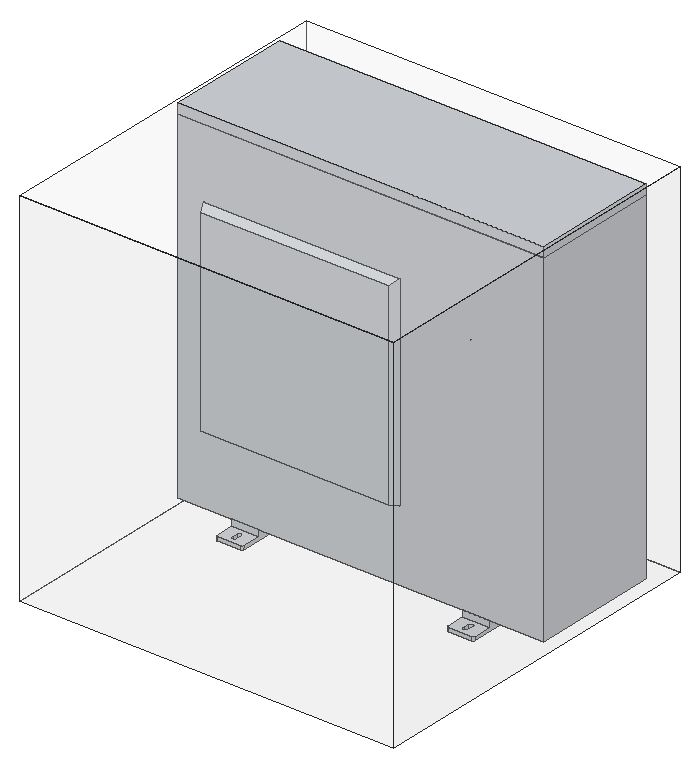
Revit family "puz-zrmp80sha_280ka13_50hz", category 機械設備, Revit 2019
Family settings
  丸型コネクタ寸法 = 直径を使用
  パーツ タイプ = 標準
  OmniClass 番号 = 23.75.10.24.21.27.27
  OmniClass タイトル = Split System Air Conditioning Units
  作業面ベース = いいえ
  常に垂直 = はい
  ロード時にボイドで切り取り = いいえ
  共有 = いいえ
  部屋計算ポイント = いいえ
Parameters (values of type "室外機_PUZ-ZRMP80SHA13 (-BS,BSG)")
  音響パワーレベル（冷）(dB) = 66
  音響パワーレベル(dB) = 68
  電源種別 = ""
  電源位置Y = 2 mm
  電源位置Z = 669 mm
  電源位置X = 275 mm
  電圧 = 200 V
  電動機出力_送風機 = 0.06 kW
  電動機出力_圧縮機 = 1.6 kW
  集中コントローラ [instance] = ""
  運転質量 = 0.00 kg
  運転方法 = "冷暖切替"
  質量 = if(製品質量 > 運転質量, 製品質量, 運転質量) * 1.2  # 84.00 kg
  負荷分類 = 1_熱源類
  説明 = "空冷H/P PAC インバータ室外機"
  設計暖房能力 [instance] = 0 kW
  設計冷房能力_顕熱 [instance] = 0 kW
  設計冷房能力 [instance] = 0 kW
  設置方法 = "床置形"
  記号 [instance] = ""
  製造元 = "三菱電機株式会社"
  製品質量 = 70.00 kg
  製品出荷対象 = "国内"
  製品リリース年月 = ""
  製品グループ = ""
  系統 [instance] = ""
  符号 = "PAC"
  積算_科目 = "1 空気調和設備"
  積算_拾い区分 [instance] = ""
  相 = 1
  盤記号 [instance] = ""
  発停方法 = "付属スイッチ"
  特殊仕様 [instance] = ""
  消費電力_暖房 = 2.34 kW
  消費電力_冷房 = 1.98 kW
  消費電力 = if(消費電力_冷房 > 消費電力_暖房, 消費電力_冷房, 消費電力_暖房)  # 2.34 kW
  法定耐用年数 = "6"
  構成品番 = "PUZ-ZRMP80SHA13 (-BS,-BSG)"
  極数 = 1
  材質 [instance] = ""
  本体マテリアル = none
  最小電線太さ_mm2 = 1.6
  最大電流値 = 0 A
  暖房能力 = 8 kW
  推奨ブレーカー容量 = 30 A
  据付ピッチ1 = 0 mm
  形式 = "パッケージ形 室外機"
  形名 = PUZ-ZRMP-2 : PUZ-ZRMP-2
  幹線記号 [instance] = ""
  始動方式 = "インバータ始動方式"
  呼称 = "パッケージ形空気調和機_室外機"
  周波数 = 50 Hz
  価格 = 0
  ドレン　位置Z = 23 mm
  ドレン　位置Y = 111 mm
  ドレン　位置X = 30 mm
  アンカーボルト位置Y = 370 mm
  アンカーボルト位置X = 600 mm
  参照している仕様書等のバージョン = "公共建築物標準仕様書（機械設備工事編）平成31年度版"
  分類コード = "50053003126100"
  分類グループ = ""
  冷房能力 = 7.1 kW
  冷媒管（ガス）位置X = 434 mm
  冷媒管（液）位置X = 377 mm
  冷媒管（液）位置Y = 290 mm
  冷媒管（ガス）位置Y = 229 mm
  冷媒管長 [instance] = 0 mm
  冷媒管径符号 = "Bd"
  冷媒管径 = 100.00 mm
  冷媒管位置Z = 447 mm
  冷媒管位置Y = (冷媒管（液）位置Y + 冷媒管（ガス）位置Y) / 2  # 259.5 mm
  冷媒管位置X = (冷媒管（液）位置X + 冷媒管（ガス）位置X) / 2  # 405.5 mm
  冷媒液管径 = 9.52 mm
  冷媒ガス管径 = 15.88 mm
  企業コード = "108420"
  付属品 [instance] = ""
  仕様書バージョン = "Version1.0"
  ユニット数 = 1
  ユニット3 = yes
  ユニット2 = yes
  Model = ""
  ドレン管径 = 33.00 mm
  サービススペース = yes
  コメント [instance] = ""
  ケーブル種類1 = ""
  【値が 0 の項目は組合せ形名にてご確認ください】 = ""
  Width = 950 mm
  Version = ""
  Uniclass2015Version = "Systems v1.9"
  Uniclass2015Title = "Split coil remote air cooled condensing units"
  Uniclass2015Code = "Pr_70_65_03_84"
  URL = "https://www.mitsubishielectric.co.jp/ldg/wink/ssl/top.do"
  SpecificationReference = ""
  SpecificationDescription = ""
  Revision = ""
  ProductInformation = ""
  OmniClassCode = "23-33 17 13 11"
  IfcTypeProduct = ""
  IfcProduct = ""
  IfcExportType = "AIRCONDITIONINGUNIT"
  IfcExportAs = "IfcUnitaryEquipmentType"
  Height = 943 mm
  Depth = 330 mm
  Clearance Top = 0 mm
  Clearance Right = 10 mm
  Clearance Left = 10 mm
  Clearance Front = 500 mm
  Clearance Bottom = 0 mm
  Clearance Back = 100 mm
  COP = 0
  Author = "三菱電機株式会社"
  APF = 0
Reference planes
  plane 1 "中心(正面/背面)": y = 74
  plane 2: z = 0
  plane 3 "中心(左/右)": x = 830
  plane 4 "右": x = 1305
  plane 5 "左": x = 355
  plane 6 "背面": y = 239
  plane 7 "正面": y = -91
  plane 8 "上部": z = 943
  plane 9 "Clearanse Top": z = 943
  plane 10 "SS_back": y = 339
  plane 11 "SS_front": y = -591
  plane 12 "SS_left": x = 345
  plane 13 "SS_right": x = 1315
  plane 14: z = 0
  plane 15: y = -89
  plane 16: x = 1105
  plane 17: z = 669
  plane 18: y = -87
  plane 19: y = -20.5
  plane 20: x = 1235.5
  plane 21: z = 447
  plane 22: z = 449
  plane 23: y = 128
  plane 24: x = 385
  plane 25: z = 25
  plane 26: z = 23
  plane 27: x = 530
  plane 28: x = 1130
  plane 29: y = 259
  plane 30: y = -111
Forms (mm)
  Extrusion 1, solid, detail levels fine
    sketch origin (0, -91, 0) x (1, 0, 0) y (0, 0, 1)
      loop
        circle (1105, 669) r 13.5
    from -4 to -2
  Extrusion 2, solid, detail levels fine
    sketch origin (-1437.329, -1524, 54) x (-1, 0, 0) y (0, -1, 0)
      loop
        circle (-2672.829, -1503.5) r 50
    from 393 to 395
  Extrusion 3, solid, detail levels fine
    sketch origin (-1437.329, -1524, 54) x (-1, 0, 0) y (0, -1, 0)
      loop
        circle (-1822.329, -1652) r 16.5
    from -31 to -29
Lines and regions (mm)
  model lines, not visible
    curve 1: line (460, 178.667, 1289.179) -> (460, 297.73, 1289.179)
    curve 2: line (460, 178.667, 1056.056) -> (460, 178.667, 1289.179)
    curve 3: line (460, 297.73, 1056.056) -> (460, 178.667, 1056.056)
    curve 4: line (460, 297.73, 1289.179) -> (460, 297.73, 1056.056)
    curve 5: line (460, 47.598, 1289.179) -> (460, 166.661, 1289.179)
    curve 6: line (460, 47.598, 1056.056) -> (460, 47.598, 1289.179)
    curve 7: line (460, 166.661, 1056.056) -> (460, 47.598, 1056.056)
    curve 8: line (460, 166.661, 1289.179) -> (460, 166.661, 1056.056)
    curve 9: line (460, -83.471, 1289.179) -> (460, 35.592, 1289.179)
    curve 10: line (460, -83.471, 1056.056) -> (460, -83.471, 1289.179)
    curve 11: line (460, 35.592, 1056.056) -> (460, -83.471, 1056.056)
    curve 12: line (460, 35.592, 1289.179) -> (460, 35.592, 1056.056)
    curve 13: line (460, -150.779, 1289.179) -> (460, -95.75, 1289.179)
    curve 14: line (460, -150.779, 1056.056) -> (460, -150.779, 1289.179)
    curve 15: line (460, -95.75, 1056.056) -> (460, -150.779, 1056.056)
    curve 16: line (460, -95.75, 1289.179) -> (460, -95.75, 1056.056)
    curve 17: line (460, -150.779, 1283.175) -> (460, -132.596, 1283.175)
    curve 18: line (460, -150.779, 1062.059) -> (460, -150.779, 1283.175)
    curve 19: line (460, -132.596, 1062.059) -> (460, -150.779, 1062.059)
    curve 20: line (460, -132.596, 1283.175) -> (460, -132.596, 1062.059)
    curve 21: line (460, 178.667, 1046.051) -> (460, 297.73, 1046.051)
    curve 22: line (460, 178.667, 812.928) -> (460, 178.667, 1046.051)
    curve 23: line (460, 297.73, 812.928) -> (460, 178.667, 812.928)
    curve 24: line (460, 297.73, 1046.051) -> (460, 297.73, 812.928)
    curve 25: line (460, 47.598, 1046.051) -> (460, 166.661, 1046.051)
    curve 26: line (460, 47.598, 812.928) -> (460, 47.598, 1046.051)
    curve 27: line (460, 166.661, 812.928) -> (460, 47.598, 812.928)
    curve 28: line (460, 166.661, 1046.051) -> (460, 166.661, 812.928)
    curve 29: line (460, -83.471, 1046.051) -> (460, 35.592, 1046.051)
    curve 30: line (460, -83.471, 812.928) -> (460, -83.471, 1046.051)
    curve 31: line (460, 35.592, 812.928) -> (460, -83.471, 812.928)
    curve 32: line (460, 35.592, 1046.051) -> (460, 35.592, 812.928)
    curve 33: line (460, -150.779, 1046.051) -> (460, -95.75, 1046.051)
    curve 34: line (460, -150.779, 812.928) -> (460, -150.779, 1046.051)
    curve 35: line (460, -95.75, 812.928) -> (460, -150.779, 812.928)
    curve 36: line (460, -95.75, 1046.051) -> (460, -95.75, 812.928)
    curve 37: line (460, -150.779, 1040.048) -> (460, -132.596, 1040.048)
    curve 38: line (460, -150.779, 818.931) -> (460, -150.779, 1040.048)
    curve 39: line (460, -132.596, 818.931) -> (460, -150.779, 818.931)
    curve 40: line (460, -132.596, 1040.048) -> (460, -132.596, 818.931)
    curve 41: line (460, 178.667, 802.923) -> (460, 297.73, 802.923)
    curve 42: line (460, 178.667, 569.8) -> (460, 178.667, 802.923)
    curve 43: line (460, 297.73, 569.8) -> (460, 178.667, 569.8)
    curve 44: line (460, 297.73, 802.923) -> (460, 297.73, 569.8)
    curve 45: line (460, 47.598, 802.923) -> (460, 166.661, 802.923)
    curve 46: line (460, 47.598, 569.8) -> (460, 47.598, 802.923)
    curve 47: line (460, 166.661, 569.8) -> (460, 47.598, 569.8)
    curve 48: line (460, 166.661, 802.923) -> (460, 166.661, 569.8)
    curve 49: line (460, -83.471, 802.923) -> (460, 35.592, 802.923)
    curve 50: line (460, -83.471, 569.8) -> (460, -83.471, 802.923)
    curve 51: line (460, 35.592, 569.8) -> (460, -83.471, 569.8)
    curve 52: line (460, 35.592, 802.923) -> (460, 35.592, 569.8)
    curve 53: line (460, -150.779, 802.923) -> (460, -95.75, 802.923)
    curve 54: line (460, -150.779, 569.8) -> (460, -150.779, 802.923)
    curve 55: line (460, -95.75, 569.8) -> (460, -150.779, 569.8)
    curve 56: line (460, -95.75, 802.923) -> (460, -95.75, 569.8)
    curve 57: line (460, -150.779, 796.92) -> (460, -132.596, 796.92)
    curve 58: line (460, -150.779, 575.803) -> (460, -150.779, 796.92)
    curve 59: line (460, -132.596, 575.803) -> (460, -150.779, 575.803)
    curve 60: line (460, -132.596, 796.92) -> (460, -132.596, 575.803)
    curve 61: line (460, 178.667, 559.795) -> (460, 297.73, 559.795)
    curve 62: line (460, 178.667, 326.672) -> (460, 178.667, 559.795)
    curve 63: line (460, 297.73, 326.672) -> (460, 178.667, 326.672)
    curve 64: line (460, 297.73, 559.795) -> (460, 297.73, 326.672)
    curve 65: line (460, 47.598, 559.795) -> (460, 166.661, 559.795)
    curve 66: line (460, 47.598, 326.672) -> (460, 47.598, 559.795)
    curve 67: line (460, 166.661, 326.672) -> (460, 47.598, 326.672)
    curve 68: line (460, 166.661, 559.795) -> (460, 166.661, 326.672)
    curve 69: line (460, -83.471, 559.795) -> (460, 35.592, 559.795)
    curve 70: line (460, -83.471, 326.672) -> (460, -83.471, 559.795)
    curve 71: line (460, 35.592, 326.672) -> (460, -83.471, 326.672)
    curve 72: line (460, 35.592, 559.795) -> (460, 35.592, 326.672)
    curve 73: line (460, -150.779, 559.795) -> (460, -95.75, 559.795)
    curve 74: line (460, -150.779, 326.672) -> (460, -150.779, 559.795)
    curve 75: line (460, -95.75, 326.672) -> (460, -150.779, 326.672)
    curve 76: line (460, -95.75, 559.795) -> (460, -95.75, 326.672)
    curve 77: line (460, -150.779, 553.792) -> (460, -132.596, 553.792)
    curve 78: line (460, -150.779, 332.675) -> (460, -150.779, 553.792)
    curve 79: line (460, -132.596, 332.675) -> (460, -150.779, 332.675)
    curve 80: line (460, -132.596, 553.792) -> (460, -132.596, 332.675)
    curve 81: line (460, 178.667, 316.667) -> (460, 297.73, 316.667)
    curve 82: line (460, 178.667, 83.544) -> (460, 178.667, 316.667)
    curve 83: line (460, 297.73, 83.544) -> (460, 178.667, 83.544)
    curve 84: line (460, 297.73, 316.667) -> (460, 297.73, 83.544)
    curve 85: line (460, 47.598, 316.667) -> (460, 166.661, 316.667)
    curve 86: line (460, 47.598, 83.544) -> (460, 47.598, 316.667)
    curve 87: line (460, 166.661, 83.544) -> (460, 47.598, 83.544)
    curve 88: line (460, 166.661, 316.667) -> (460, 166.661, 83.544)
    curve 89: line (460, -83.471, 316.667) -> (460, 35.592, 316.667)
    curve 90: line (460, -83.471, 83.544) -> (460, -83.471, 316.667)
    curve 91: line (460, 35.592, 83.544) -> (460, -83.471, 83.544)
    curve 92: line (460, 35.592, 316.667) -> (460, 35.592, 83.544)
    curve 93: line (460, -150.779, 316.667) -> (460, -95.75, 316.667)
    curve 94: line (460, -150.779, 83.544) -> (460, -150.779, 316.667)
    curve 95: line (460, -95.75, 83.544) -> (460, -150.779, 83.544)
    curve 96: line (460, -95.75, 316.667) -> (460, -95.75, 83.544)
    curve 97: line (460, -150.779, 310.664) -> (460, -132.596, 310.664)
    curve 98: line (460, -150.779, 89.547) -> (460, -150.779, 310.664)
    curve 99: line (460, -132.596, 89.547) -> (460, -150.779, 89.547)
    curve 100: line (460, -132.596, 310.664) -> (460, -132.596, 89.547)
Dimensions and locks
  equal spacing: plane 7 "正面", plane 1 "中心(正面/背面)", plane 6 "背面"
  "Depth": plane 7 "正面" to plane 6 "背面"
  "Width": plane 5 "左" to plane 4 "右"
  equal spacing: plane 5 "左", plane 3 "中心(左/右)", plane 4 "右"
  "Clearance Left": plane 12 "SS_left" to plane 5 "左"
  "Clearance Right": plane 4 "右" to plane 13 "SS_right"
  "Clearance Back": plane 6 "背面" to plane 10 "SS_back"
  "Clearance Front": plane 11 "SS_front" to plane 7 "正面"
  "Height": plane 8 "上部" to level
  "Clearance Top": plane 9 "Clearanse Top" to plane 8 "上部"
  "Clearance Bottom": level to plane 14
  "電源位置X": plane 3 "中心(左/右)" to plane 16
  "電源位置Y": plane 7 "正面" to plane 15
  "電源位置Z": plane 17 to level
  locked: plane 15 to plane 18 at 2
  "冷媒管位置X": plane 3 "中心(左/右)" to plane 20
  "冷媒管位置Y": plane 19 to plane 6 "背面"
  "冷媒管位置Z": plane 21 to level
  locked: plane 22 to plane 21 at 2
  "ドレン　位置X": plane 5 "左" to plane 24
  "ドレン　位置Y": plane 23 to plane 6 "背面"
  locked: plane 25 to plane 26 at 2
  "ドレン　位置Z": plane 26 to level
  equal spacing: plane 30, plane 1 "中心(正面/背面)", plane 29
  "アンカーボルト位置Y": plane 30 to plane 29
  equal spacing: plane 27, plane 3 "中心(左/右)", plane 28
  "アンカーボルト位置X": plane 27 to plane 28
  radius of Extrusion 1 sketch curve = 13.5 mm
  "冷媒管径": diameter of Extrusion 2 sketch curve
  "ドレン管径": diameter of Extrusion 3 sketch curve
  aligned and locked: level to plane 2
  aligned and locked: plane 10 "SS_back" to nested 1  (x2)
  aligned and locked: plane 13 "SS_right" to nested 1
  aligned and locked: plane 12 "SS_left" to nested 1  (x2)
  aligned and locked: nested 1 to plane 13 "SS_right"
  aligned and locked: plane 11 "SS_front" to nested 1
  aligned and locked: plane 9 "Clearanse Top" to nested 1
  aligned and locked: plane 1 "中心(正面/背面)" to nested 2
  aligned and locked: plane 3 "中心(左/右)" to nested 2
  aligned and locked: plane 14 to nested 1
  aligned and locked: plane 17 to Extrusion 1 sketch curve
  aligned and locked: plane 16 to Extrusion 1 sketch curve
  aligned and locked: Extrusion 1 to plane 18
  aligned and locked: plane 15 to Extrusion 1
  aligned and locked: plane 19 to Extrusion 2 sketch curve
  aligned and locked: plane 20 to Extrusion 2 sketch curve
  aligned and locked: plane 22 to Extrusion 2
  aligned and locked: Extrusion 2 to plane 21
  aligned and locked: plane 24 to Extrusion 3 sketch curve
  aligned and locked: plane 23 to Extrusion 3 sketch curve
  aligned and locked: plane 25 to Extrusion 3
  aligned and locked: Extrusion 3 to plane 26
  aligned and locked: plane 27 to nested 3
  aligned and locked: plane 29 to nested 3
Nested families
  nested 1: "サービススペース" at (830, -126, 471.5), visible <- "サービススペース", type "サービススペース"
    with Width 970 mm, Height 943 mm, Depth 930 mm
  nested 2: "PUZ-ZRMP-2" at (830, 74, 0), type <- "形名", type "PUZ-ZRMP-2"
  nested 3: "固定点" at (530, -111, 0), type "固定点"
    with W 600 mm, D 370 mm
Connectors
  piping at (1235.5, -20.5, 447), diameter 100, driven by "冷媒管径", driven by "冷媒管径符号"
    settings: on Extrusion 2, index 1, connector inside diameter 609.60 mm, connector length 0 mm, flow factor 0, pipe flow 0.0 L/s, pressure drop 0.0 Pa, fitting loss kfactor 0, connector angle 0.00°, fixture units 0, engagement length 0 mm, angle of deflection 0.00°, flow configuration 1, flow direction 2, fitting loss method 4, system type 7, joint type 0, gender type 0, connector reference index -1, connector utility 0, adjustable connector no, is connector primary yes, connector description "Bd"
  electrical at (1105, -89, 669), driven by "極数", driven by "負荷分類", driven by "電圧", driven by "消費電力"
    settings: on Extrusion 1, index 2, voltage 200 V, apparent load 2340 VA, apparent load phase1 0 VA, apparent load phase2 0 VA, apparent load phase3 0 VA, power factor 1, load classification "1_熱源類", number of poles 1, system type 30, power factor state 1, is connector primary yes, connector utility no, sub classification motor no, connector description ""
Definition of nested family "サービススペース"
  Parameters (values of type "サービススペース")
    Width [instance] = 500 mm
    Height [instance] = 500 mm
    Depth [instance] = 500 mm
  Reference planes
    plane 1 "中心(正面/背面)": y = 0
    plane 2: z = 0
    plane 3 "中心(左/右)": x = 0
    plane 4: y = -250
    plane 5: x = 250
    plane 6: y = 250
    plane 7: x = -250
    plane 8: z = 250
    plane 9: z = -250
  Forms (mm)
    Extrusion 1, solid
      sketch origin (-638.939, 0, 72.39) x (1, 0, 0) y (0, 1, 0)
        loop
          line (388.939, 250) -> (388.939, -250) -> (888.939, -250) -> (888.939, 250) -> (388.939, 250)
      from -322.39 to 177.61
  Lines and regions (mm)
    symbolic lines
      curve 1: line (-250, 0, 250) -> (250, 0, 250)
      curve 2: line (-250, 0, -250) -> (-250, 0, 250)
      curve 3: line (250, 0, -250) -> (-250, 0, -250)
      curve 4: line (250, 0, 250) -> (250, 0, -250)
      curve 5: line (0, -250, 250) -> (0, 250, 250)
      curve 6: line (0, -250, -250) -> (0, -250, 250)
      curve 7: line (0, 250, -250) -> (0, -250, -250)
      curve 8: line (0, 250, 250) -> (0, 250, -250)
      curve 9: line (-250, 250, 0) -> (250, 250, 0)
      curve 10: line (-250, -250, 0) -> (-250, 250, 0)
      curve 11: line (250, -250, 0) -> (-250, -250, 0)
      curve 12: line (250, 250, 0) -> (250, -250, 0)
  Dimensions and locks
    equal spacing: plane 7, plane 3 "中心(左/右)", plane 5
    equal spacing: plane 4, plane 1 "中心(正面/背面)", plane 6
    "Depth": plane 4 to plane 6
    "Width": plane 7 to plane 5
    equal spacing: plane 8, plane 2, plane 9
    "Height": plane 8 to plane 9
    aligned and locked: plane 9 to curve 3
    aligned and locked: plane 7 to curve 2
    aligned and locked: curve 4 to plane 5
    aligned and locked: plane 5 to Extrusion 1
    aligned and locked: Extrusion 1 to plane 7
    aligned and locked: Extrusion 1 to plane 9
    aligned and locked: plane 8 to Extrusion 1
    aligned and locked: plane 9 to curve 7
  Automatic sketch dimensions
    plane 4 to Extrusion 1 sketch curve = 0 mm
    Extrusion 1 sketch curve to plane 7 = 0 mm
    Extrusion 1 sketch curve to plane 5 = 0 mm
    plane 6 to Extrusion 1 sketch curve = 0 mm
    curve 2 to plane 8 = 0 mm
    plane 4 to curve 11 = 0 mm
    curve 11 to plane 7 = 0 mm
    curve 11 to plane 5 = 0 mm
    plane 6 to curve 10 = 0 mm
    curve 7 to plane 4 = 0 mm
    curve 7 to plane 6 = 0 mm
    curve 6 to plane 8 = 0 mm
Definition of nested family "PUZ-ZRMP-2"
  Parameters (values of type "PUZ-ZRMP-2")
    配線取出口サイズ = 27 mm
    配線取出口-Z = 669 mm
    配線取出口-Y = 325 mm
    配線取出口-X = 275 mm
    液配管サイズ = 100 mm
    高さ = 943 mm
    換気-W = 322 mm
    換気-H2 = 632 mm
    換気-H1 = 473 mm
    換気-D = 25 mm
    奥行き = 330 mm
    吊りボルト_H = 0 mm
    吊りボルト-φ = 12 mm
    冷媒配管サイズ = 9.52 mm
    冷媒液管径-Z = 447 mm
    冷媒液管径-Y = 290 mm
    冷媒液管径-X = 377 mm
    冷媒ガス管径-Z = 431 mm
    冷媒ガス管径-Y = 229 mm
    冷媒ガス管径-X = 434 mm
    吊りボルト-W = 600 mm
    マテリアル = none
    ドレン配管サイズ = 33 mm
    ドレン管径-Z = 0 mm
    ドレン管径-Y = 219 mm
    ドレン管径-X = 445 mm
    タイプ3 = no
    タイプ2 = yes
    タイプ1 = no
    ガス配管サイズ = 15.88 mm
    吊りボルト-D = 370 mm
    幅さ = 950 mm
    a = 幅さ / 2  # 475 mm
  Reference planes
    plane 1 "中心(正面/背面)": y = 0
    plane 2: z = 0
    plane 3 "中心(左/右)": x = 0
    plane 4: z = 943
    plane 5: x = -475
    plane 6: x = 475
    plane 7: y = 165
    plane 8: y = -165
    plane 9: x = 537
    plane 10: y = -105
    plane 11: y = 5
    plane 12: z = 918
    plane 13: x = -495
    plane 14: x = -300
    plane 15: x = 300
    plane 16: y = 185
    plane 17: y = -185
    plane 18: x = 335
    plane 19: x = 265
    plane 20: x = -265
    plane 21: x = -335
    plane 22: y = 204
    plane 23: y = -218
    plane 24: z = 8.5
    plane 25: z = 25
    plane 26: z = 23
    plane 27: x = -185
    plane 28: x = 170
    plane 29: z = 938
    plane 30: y = -40
    plane 31: y = 40
    plane 32: y = -30
    plane 33: y = 30
    plane 34: z = 923
    plane 35: z = 55
    plane 36: z = 225
    plane 37: z = 570
    plane 38: x = 485
    plane 39: x = 506
    plane 40: y = -190
    plane 41: x = -153
    plane 42: z = 473
    plane 43: x = 101
    plane 44: x = -407
    plane 45: z = 737
    plane 46: z = 209
    plane 47: x = -397
    plane 48: x = 91
    plane 49: z = 727
    plane 50: z = 219
    plane 51: y = 115
    plane 52: y = -115
    plane 53: y = 54
    plane 54: x = 434
    plane 55: x = 275
    plane 56: y = -160
    plane 57: y = -125
    plane 58: y = -64
    plane 59: x = 377
    plane 60: z = 431
    plane 61: z = 447
    plane 62: z = 669
    plane 63: y = -110
    plane 64: z = 531
    plane 65: z = 547
    plane 66: x = 405.5
    plane 67: y = -94.5
    plane 68 "グループ": x = -475
    plane 69: z = 1338
    plane 70: z = 943
    plane 71: z = 1105
    plane 72: z = 1369
    plane 73: z = 841
    plane 74: z = 1359
    plane 75: z = 851
    plane 76: x = -445
    plane 77: y = 135
    plane 78: x = -225
    plane 79: x = -80
    plane 80: x = 65
    plane 81: x = 210
  Forms (mm)
    Extrusion 1, solid, visible <- "タイプ2", detail levels fine
      sketch origin (-1437.329, -1524, 943) x (-1, 0, 0) y (0, -1, 0)
        loop
          line (-1102.329, -1689) -> (-1102.329, -1359) -> (-1172.329, -1359) -> (-1172.329, -1689) -> (-1102.329, -1689)
        loop
          line (-1702.329, -1689) -> (-1702.329, -1359) -> (-1772.329, -1359) -> (-1772.329, -1689) -> (-1702.329, -1689)
      from -943 to -918
    Extrusion 2, solid, material <- "マテリアル", visible <- "タイプ2", detail levels fine
      sketch origin (-1437.329, -1524, 943) x (-1, 0, 0) y (0, -1, 0)
        loop
          line (-1912.329, -1689) -> (-962.329, -1689) -> (-962.329, -1359) -> (-1912.329, -1359) -> (-1912.329, -1689)
      from -918 to -25
    Extrusion 3, solid, material <- "マテリアル", visible <- "タイプ2", detail levels fine
      sketch origin (-1437.329, -1524, 943) x (-1, 0, 0) y (0, -1, 0)
        loop
          line (-962.329, -1689) -> (-962.329, -1359) -> (-1912.329, -1359) -> (-1912.329, -1689) -> (-962.329, -1689)
      from -25 to 0
    Blend 4, solid, material <- "マテリアル", visible <- "タイプ2", detail levels fine
      base sketch origin (0, 0, 0) x (1, 0, 0) y (0, 0, 1)
        loop
          line (-407, 737) -> (-407, 209) -> (101, 209) -> (101, 737) -> (-407, 737)
      top sketch origin (0, 0, 0) x (1, 0, 0) y (0, 0, 1)
        loop
          line (-397, 727) -> (-397, 219) -> (91, 219) -> (91, 727) -> (-397, 727)
      from 165 to 190
    Extrusion 5, solid, material <- "マテリアル", visible <- "タイプ2", detail levels fine
      sketch origin (-1437.329, -1524, 943) x (-1, 0, 0) y (0, -1, 0)
        loop
          circle (-1871.329, -1460) r 7.94
      from -512 to -412
    Extrusion 6, solid, material <- "マテリアル", visible <- "タイプ2", detail levels fine
      sketch origin (-1437.329, -1524, 943) x (-1, 0, 0) y (0, -1, 0)
        loop
          circle (-1814.329, -1399) r 4.76
      from -496 to -396
    Extrusion 7, solid, material <- "マテリアル", visible <- "タイプ2", detail levels fine
      sketch origin (1480.036, -190, 1200) x (1, 0, 0) y (0, 0, 1)
        loop
          circle (-1205.036, -531) r 13.5
      from -80 to -30
    Extrusion 8, solid, material <- "マテリアル", visible <- "タイプ2", detail levels fine
      sketch origin (-1437.329, -1524, 943) x (-1, 0, 0) y (0, -1, 0)
        loop
          circle (-1842.829, -1429.5) r 50
      from -496 to -396
    Extrusion 9, solid, visible <- "タイプ2", detail levels fine
      sketch origin (-1437.329, -1524, 943) x (-1, 0, 0) y (0, -1, 0)
        loop
          line (-1102.329, -1728) -> (-1102.329, -1689) -> (-1172.329, -1689) -> (-1172.329, -1728) -> (-1143.329, -1728) -> (-1143.329, -1709)
          arc (-1143.329, -1709) -> (-1137.329, -1703) -> (-1131.329, -1709) r 6
          line (-1131.329, -1709) -> (-1131.329, -1728) -> (-1102.329, -1728)
        loop
          line (-1102.329, -1359) -> (-1102.329, -1311)
          arc (-1102.329, -1311) -> (-1103.794, -1307.464) -> (-1107.329, -1306) r 5
          line (-1107.329, -1306) -> (-1167.329, -1306)
          arc (-1167.329, -1306) -> (-1170.865, -1307.464) -> (-1172.329, -1311) r 5
          line (-1172.329, -1311) -> (-1172.329, -1359) -> (-1102.329, -1359)
        loop
          arc (-1143.329, -1339) -> (-1137.329, -1345) -> (-1131.329, -1339) r 6
          line (-1131.329, -1339) -> (-1131.329, -1324)
          arc (-1131.329, -1324) -> (-1137.329, -1318) -> (-1143.329, -1324) r 6
          line (-1143.329, -1324) -> (-1143.329, -1339)
        loop
          line (-1772.329, -1728) -> (-1743.329, -1728) -> (-1743.329, -1709)
          arc (-1743.329, -1709) -> (-1737.329, -1703) -> (-1731.329, -1709) r 6
          line (-1731.329, -1709) -> (-1731.329, -1728) -> (-1702.329, -1728) -> (-1702.329, -1689) -> (-1772.329, -1689) -> (-1772.329, -1728)
        loop
          line (-1772.329, -1359) -> (-1702.329, -1359) -> (-1702.329, -1311)
          arc (-1702.329, -1311) -> (-1703.794, -1307.464) -> (-1707.329, -1306) r 5
          line (-1707.329, -1306) -> (-1767.329, -1306)
          arc (-1767.329, -1306) -> (-1770.865, -1307.464) -> (-1772.329, -1311) r 5
          line (-1772.329, -1311) -> (-1772.329, -1359)
        loop
          line (-1731.329, -1339) -> (-1731.329, -1324)
          arc (-1731.329, -1324) -> (-1737.329, -1318) -> (-1743.329, -1324) r 6
          line (-1743.329, -1324) -> (-1743.329, -1339)
          arc (-1743.329, -1339) -> (-1737.329, -1345) -> (-1731.329, -1339) r 6
      from -943 to -934.5
    Extrusion 10, solid, material <- "マテリアル", visible <- "タイプ2", detail levels fine
      sketch origin (-1437.329, -1524, 943) x (-1, 0, 0) y (0, -1, 0)
        loop
          circle (-992.329, -1578) r 16.5
        loop
          circle (-1212.329, -1659) r 16.5
        loop
          circle (-1357.329, -1659) r 16.5
        loop
          circle (-1502.329, -1659) r 16.5
        loop
          circle (-1647.329, -1659) r 16.5
      from -920 to -918
  Cuts and joins
    joined: Extrusion 1, Extrusion 9
  Lines and regions (mm)
    Masking region 1, visible <- "タイプ2", detail levels coarse+medium
      outline origin (-1437.329, -1524, 943) x (-1, 0, 0) y (0, -1, 0)
        loop
          line (-1912.329, -1689) -> (-1772.329, -1689) -> (-1772.329, -1728) -> (-1702.329, -1728) -> (-1702.329, -1689) -> (-1172.329, -1689) -> (-1172.329, -1728) -> (-1102.329, -1728) -> (-1102.329, -1689) -> (-962.329, -1689) -> (-962.329, -1359) -> (-1030.329, -1359) -> (-1040.329, -1334) -> (-1102.329, -1334) -> (-1102.329, -1306) -> (-1172.329, -1306) -> (-1172.329, -1334) -> (-1528.329, -1334) -> (-1538.329, -1359) -> (-1702.329, -1359) -> (-1702.329, -1306) -> (-1772.329, -1306) -> (-1772.329, -1359) -> (-1912.329, -1359) -> (-1912.329, -1689)
    model lines, visible <- "タイプ2", detail levels fine
      curve 1: line (395, 115, 943) -> (-395, 115, 943)
      curve 2: line (-395, -115, 943) -> (395, -115, 943)
      curve 3: line (-395, -45, 943) -> (395, -45, 943)
      curve 4: line (395, 45, 943) -> (-395, 45, 943)
      curve 5: line (-395, -35, 943) -> (395, -35, 943)
      curve 6: line (395, 35, 943) -> (-395, 35, 943)
      curve 7: line (-395, 115, 943) -> (-395, 45, 943)
      curve 8: line (395, -115, 943) -> (395, -45, 943)
      curve 9: line (-395, 35, 943) -> (-395, -35, 943)
      curve 10: line (-395, -45, 943) -> (-395, -115, 943)
      curve 11: line (395, -35, 943) -> (395, 35, 943)
      curve 12: line (395, 45, 943) -> (395, 115, 943)
      curve 13: line (425, -115, 943) -> (425, 115, 943)
      curve 14: line (410, -115, 943) -> (410, 115, 943)
      curve 15: line (-425, 115, 943) -> (-425, -115, 943)
      curve 16: line (-410, 115, 943) -> (-410, -115, 943)
      curve 17: line (-410, 115, 943) -> (-425, 115, 943)
      curve 18: line (-410, -115, 943) -> (-425, -115, 943)
      curve 19: line (410, 115, 943) -> (425, 115, 943)
      curve 20: line (410, -115, 943) -> (425, -115, 943)
      curve 21: line (-397, -190, 520.5) -> (91, -190, 520.5)
      curve 22: line (91, -190, 425.5) -> (-397, -190, 425.5)
      curve 23: line (-397, -190, 615.5) -> (91, -190, 615.5)
      curve 24: line (-397, -190, 710.5) -> (91, -190, 710.5)
      curve 25: line (91, -190, 330.5) -> (-397, -190, 330.5)
      curve 26: line (91, -190, 235.5) -> (-397, -190, 235.5)
      curve 27: line (-379.571, -190, 727) -> (-379.571, -190, 219)
      curve 28: line (73.571, -190, 219) -> (73.571, -190, 727)
      curve 29: line (-362.143, -190, 727) -> (-362.143, -190, 219)
      curve 30: line (-344.714, -190, 727) -> (-344.714, -190, 219)
      curve 31: line (-327.286, -190, 727) -> (-327.286, -190, 219)
      curve 32: line (-309.857, -190, 727) -> (-309.857, -190, 219)
      curve 33: line (-292.429, -190, 727) -> (-292.429, -190, 219)
      curve 34: line (-275, -190, 727) -> (-275, -190, 219)
      curve 35: line (-257.571, -190, 727) -> (-257.571, -190, 219)
      curve 36: line (-240.143, -190, 727) -> (-240.143, -190, 219)
      curve 37: line (-222.714, -190, 727) -> (-222.714, -190, 219)
      curve 38: line (-205.286, -190, 727) -> (-205.286, -190, 219)
      curve 39: line (-187.857, -190, 727) -> (-187.857, -190, 219)
      curve 40: line (-170.429, -190, 727) -> (-170.429, -190, 219)
      curve 41: line (-153, -190, 727) -> (-153, -190, 219)
      curve 42: line (-135.571, -190, 727) -> (-135.571, -190, 219)
      curve 43: line (-118.143, -190, 727) -> (-118.143, -190, 219)
      curve 44: line (-100.714, -190, 727) -> (-100.714, -190, 219)
      curve 45: line (-83.286, -190, 727) -> (-83.286, -190, 219)
      curve 46: line (-65.857, -190, 727) -> (-65.857, -190, 219)
      curve 47: line (-48.429, -190, 727) -> (-48.429, -190, 219)
      curve 48: line (-31, -190, 727) -> (-31, -190, 219)
      curve 49: line (-13.571, -190, 727) -> (-13.571, -190, 219)
      curve 50: line (3.857, -190, 727) -> (3.857, -190, 219)
      curve 51: line (21.286, -190, 727) -> (21.286, -190, 219)
      curve 52: line (38.714, -190, 727) -> (38.714, -190, 219)
      curve 53: line (56.143, -190, 727) -> (56.143, -190, 219)
      curve 54: line (-475, -100, 33.5) -> (-475, -60, 33.5)
      curve 55: line (-475, -100, 73.5) -> (-475, -100, 33.5)
      curve 56: line (-475, -60, 73.5) -> (-475, -100, 73.5)
      curve 57: line (-475, -60, 33.5) -> (-475, -60, 73.5)
      curve 58: line (-475, 60, 33.5) -> (-475, 100, 33.5)
      curve 59: line (-475, 60, 73.5) -> (-475, 60, 33.5)
      curve 60: line (-475, 100, 73.5) -> (-475, 60, 73.5)
      curve 61: line (-475, 100, 33.5) -> (-475, 100, 73.5)
      curve 62: line (-475, -46.667, 33.5) -> (-475, -6.667, 33.5)
      curve 63: line (-475, -46.667, 73.5) -> (-475, -46.667, 33.5)
      curve 64: line (-475, -6.667, 73.5) -> (-475, -46.667, 73.5)
      curve 65: line (-475, -6.667, 33.5) -> (-475, -6.667, 73.5)
      curve 66: line (-475, 6.667, 33.5) -> (-475, 46.667, 33.5)
      curve 67: line (-475, 6.667, 73.5) -> (-475, 6.667, 33.5)
      curve 68: line (-475, 46.667, 73.5) -> (-475, 6.667, 73.5)
      curve 69: line (-475, 46.667, 33.5) -> (-475, 46.667, 73.5)
      curve 70: line (-475, -100, 87) -> (-475, -60, 87)
      curve 71: line (-475, -100, 277) -> (-475, -100, 87)
      curve 72: line (-475, -60, 277) -> (-475, -100, 277)
      curve 73: line (-475, -60, 87) -> (-475, -60, 277)
      curve 74: line (-475, -100, 292) -> (-475, -60, 292)
      curve 75: line (-475, -100, 482) -> (-475, -100, 292)
      curve 76: line (-475, -60, 482) -> (-475, -100, 482)
      curve 77: line (-475, -60, 292) -> (-475, -60, 482)
      curve 78: line (-475, -100, 497) -> (-475, -60, 497)
      curve 79: line (-475, -100, 687) -> (-475, -100, 497)
      curve 80: line (-475, -60, 687) -> (-475, -100, 687)
      curve 81: line (-475, -60, 497) -> (-475, -60, 687)
      curve 82: line (-475, -100, 702) -> (-475, -60, 702)
      curve 83: line (-475, -100, 892) -> (-475, -100, 702)
      curve 84: line (-475, -60, 892) -> (-475, -100, 892)
      curve 85: line (-475, -60, 702) -> (-475, -60, 892)
      curve 86: line (-475, 60, 87) -> (-475, 100, 87)
      curve 87: line (-475, 60, 277) -> (-475, 60, 87)
      curve 88: line (-475, 100, 277) -> (-475, 60, 277)
      curve 89: line (-475, 100, 87) -> (-475, 100, 277)
      curve 90: line (-475, -46.667, 87) -> (-475, -6.667, 87)
      curve 91: line (-475, -46.667, 277) -> (-475, -46.667, 87)
      curve 92: line (-475, -6.667, 277) -> (-475, -46.667, 277)
      curve 93: line (-475, -6.667, 87) -> (-475, -6.667, 277)
      curve 94: line (-475, 6.667, 87) -> (-475, 46.667, 87)
      curve 95: line (-475, 6.667, 277) -> (-475, 6.667, 87)
      curve 96: line (-475, 46.667, 277) -> (-475, 6.667, 277)
      curve 97: line (-475, 46.667, 87) -> (-475, 46.667, 277)
      curve 98: line (-475, 60, 292) -> (-475, 100, 292)
      curve 99: line (-475, 60, 482) -> (-475, 60, 292)
      curve 100: line (-475, 100, 482) -> (-475, 60, 482)
      curve 101: line (-475, 100, 292) -> (-475, 100, 482)
      curve 102: line (-475, 60, 702) -> (-475, 100, 702)
      curve 103: line (-475, 60, 892) -> (-475, 60, 702)
      curve 104: line (-475, 100, 892) -> (-475, 60, 892)
      curve 105: line (-475, 100, 702) -> (-475, 100, 892)
      curve 106: line (-475, -46.667, 292) -> (-475, -6.667, 292)
      curve 107: line (-475, -46.667, 482) -> (-475, -46.667, 292)
      curve 108: line (-475, -6.667, 482) -> (-475, -46.667, 482)
      curve 109: line (-475, -6.667, 292) -> (-475, -6.667, 482)
      curve 110: line (-475, -46.667, 497) -> (-475, -6.667, 497)
      curve 111: line (-475, -46.667, 687) -> (-475, -46.667, 497)
      curve 112: line (-475, -6.667, 687) -> (-475, -46.667, 687)
      curve 113: line (-475, -6.667, 497) -> (-475, -6.667, 687)
      curve 114: line (-475, -46.667, 702) -> (-475, -6.667, 702)
      curve 115: line (-475, -46.667, 892) -> (-475, -46.667, 702)
      curve 116: line (-475, -6.667, 892) -> (-475, -46.667, 892)
      curve 117: line (-475, -6.667, 702) -> (-475, -6.667, 892)
      curve 118: line (-475, 6.667, 292) -> (-475, 46.667, 292)
      curve 119: line (-475, 6.667, 482) -> (-475, 6.667, 292)
      curve 120: line (-475, 46.667, 482) -> (-475, 6.667, 482)
      curve 121: line (-475, 46.667, 292) -> (-475, 46.667, 482)
      curve 122: line (-475, 6.667, 497) -> (-475, 46.667, 497)
      curve 123: line (-475, 6.667, 687) -> (-475, 6.667, 497)
      curve 124: line (-475, 46.667, 687) -> (-475, 6.667, 687)
      curve 125: line (-475, 46.667, 497) -> (-475, 46.667, 687)
      curve 126: line (-475, 6.667, 702) -> (-475, 46.667, 702)
      curve 127: line (-475, 6.667, 892) -> (-475, 6.667, 702)
      curve 128: line (-475, 46.667, 892) -> (-475, 6.667, 892)
      curve 129: line (-475, 46.667, 702) -> (-475, 46.667, 892)
    model lines, visible <- "タイプ3", not visible
      curve 130: line (-404.5, -100, 907) -> (-404.5, -60, 907)
      curve 131: line (-404.5, -100, 1097) -> (-404.5, -100, 907)
      curve 132: line (-404.5, -60, 1097) -> (-404.5, -100, 1097)
      curve 133: line (-404.5, -60, 907) -> (-404.5, -60, 1097)
      curve 134: line (-404.5, 60, 907) -> (-404.5, 100, 907)
      curve 135: line (-404.5, 60, 1097) -> (-404.5, 60, 907)
      curve 136: line (-404.5, 100, 1097) -> (-404.5, 60, 1097)
      curve 137: line (-404.5, 100, 907) -> (-404.5, 100, 1097)
      curve 138: line (-404.5, -46.667, 907) -> (-404.5, -6.667, 907)
      curve 139: line (-404.5, -46.667, 1097) -> (-404.5, -46.667, 907)
      curve 140: line (-404.5, -6.667, 1097) -> (-404.5, -46.667, 1097)
      curve 141: line (-404.5, -6.667, 907) -> (-404.5, -6.667, 1097)
      curve 142: line (-404.5, 6.667, 907) -> (-404.5, 46.667, 907)
      curve 143: line (-404.5, 6.667, 1097) -> (-404.5, 6.667, 907)
      curve 144: line (-404.5, 46.667, 1097) -> (-404.5, 6.667, 1097)
      curve 145: line (-404.5, 46.667, 907) -> (-404.5, 46.667, 1097)
      curve 146: line (-404.5, -100, 1112) -> (-404.5, -60, 1112)
      curve 147: line (-404.5, -100, 1302) -> (-404.5, -100, 1112)
      curve 148: line (-404.5, -60, 1302) -> (-404.5, -100, 1302)
      curve 149: line (-404.5, -60, 1112) -> (-404.5, -60, 1302)
      curve 150: line (-404.5, 60, 1112) -> (-404.5, 100, 1112)
      curve 151: line (-404.5, 60, 1302) -> (-404.5, 60, 1112)
      curve 152: line (-404.5, 100, 1302) -> (-404.5, 60, 1302)
      curve 153: line (-404.5, 100, 1112) -> (-404.5, 100, 1302)
      curve 154: line (-404.5, -46.667, 1112) -> (-404.5, -6.667, 1112)
      curve 155: line (-404.5, -46.667, 1302) -> (-404.5, -46.667, 1112)
      curve 156: line (-404.5, -6.667, 1302) -> (-404.5, -46.667, 1302)
      curve 157: line (-404.5, -6.667, 1112) -> (-404.5, -6.667, 1302)
      curve 158: line (-404.5, 6.667, 1112) -> (-404.5, 46.667, 1112)
      curve 159: line (-404.5, 6.667, 1302) -> (-404.5, 6.667, 1112)
      curve 160: line (-404.5, 46.667, 1302) -> (-404.5, 6.667, 1302)
      curve 161: line (-404.5, 46.667, 1112) -> (-404.5, 46.667, 1302)
    model lines, visible <- "タイプ2", not visible
      curve 162: line (-600, -100, 33.5) -> (-600, -60, 33.5)
      curve 163: line (-600, -100, 73.5) -> (-600, -100, 33.5)
      curve 164: line (-600, -60, 73.5) -> (-600, -100, 73.5)
      curve 165: line (-600, -60, 33.5) -> (-600, -60, 73.5)
      curve 166: line (-600, 60, 33.5) -> (-600, 100, 33.5)
      curve 167: line (-600, 60, 73.5) -> (-600, 60, 33.5)
      curve 168: line (-600, 100, 73.5) -> (-600, 60, 73.5)
      curve 169: line (-600, 100, 33.5) -> (-600, 100, 73.5)
      curve 170: line (-509, -46.667, 33.5) -> (-509, -6.667, 33.5)
      curve 171: line (-509, -46.667, 73.5) -> (-509, -46.667, 33.5)
      curve 172: line (-509, -6.667, 73.5) -> (-509, -46.667, 73.5)
      curve 173: line (-509, -6.667, 33.5) -> (-509, -6.667, 73.5)
      curve 174: line (-509, 6.667, 33.5) -> (-509, 46.667, 33.5)
      curve 175: line (-509, 6.667, 73.5) -> (-509, 6.667, 33.5)
      curve 176: line (-509, 46.667, 73.5) -> (-509, 6.667, 73.5)
      curve 177: line (-509, 46.667, 33.5) -> (-509, 46.667, 73.5)
    model lines, visible <- "タイプ2", not visible, detail levels fine
      curve 178: line (-475, -100, 87) -> (-475, -60, 87)
      curve 179: line (-475, -100, 277) -> (-475, -100, 87)
      curve 180: line (-475, -60, 277) -> (-475, -100, 277)
      curve 181: line (-475, -60, 87) -> (-475, -60, 277)
      curve 182: line (-475, -100, 292) -> (-475, -60, 292)
      curve 183: line (-475, -100, 482) -> (-475, -100, 292)
      curve 184: line (-475, -60, 482) -> (-475, -100, 482)
      curve 185: line (-475, -60, 292) -> (-475, -60, 482)
      curve 186: line (-475, -100, 497) -> (-475, -60, 497)
      curve 187: line (-475, -100, 687) -> (-475, -100, 497)
      curve 188: line (-475, -60, 687) -> (-475, -100, 687)
      curve 189: line (-475, -60, 497) -> (-475, -60, 687)
      curve 190: line (-475, -100, 702) -> (-475, -60, 702)
      curve 191: line (-475, -100, 892) -> (-475, -100, 702)
      curve 192: line (-475, -60, 892) -> (-475, -100, 892)
      curve 193: line (-475, -60, 702) -> (-475, -60, 892)
      curve 194: line (-475, 60, 87) -> (-475, 100, 87)
      curve 195: line (-475, 60, 277) -> (-475, 60, 87)
      curve 196: line (-475, 100, 277) -> (-475, 60, 277)
      curve 197: line (-475, 100, 87) -> (-475, 100, 277)
      curve 198: line (-475, -46.667, 87) -> (-475, -6.667, 87)
      curve 199: line (-475, -46.667, 277) -> (-475, -46.667, 87)
      curve 200: line (-475, -6.667, 277) -> (-475, -46.667, 277)
      curve 201: line (-475, -6.667, 87) -> (-475, -6.667, 277)
      curve 202: line (-475, 6.667, 87) -> (-475, 46.667, 87)
      curve 203: line (-475, 6.667, 277) -> (-475, 6.667, 87)
      curve 204: line (-475, 46.667, 277) -> (-475, 6.667, 277)
      curve 205: line (-475, 46.667, 87) -> (-475, 46.667, 277)
      curve 206: line (-475, 60, 292) -> (-475, 100, 292)
      curve 207: line (-475, 60, 482) -> (-475, 60, 292)
      curve 208: line (-475, 100, 482) -> (-475, 60, 482)
      curve 209: line (-475, 100, 292) -> (-475, 100, 482)
      curve 210: line (-475, 60, 702) -> (-475, 100, 702)
      curve 211: line (-475, 60, 892) -> (-475, 60, 702)
      curve 212: line (-475, 100, 892) -> (-475, 60, 892)
      curve 213: line (-475, 100, 702) -> (-475, 100, 892)
      curve 214: line (-475, -46.667, 292) -> (-475, -6.667, 292)
      curve 215: line (-475, -46.667, 482) -> (-475, -46.667, 292)
      curve 216: line (-475, -6.667, 482) -> (-475, -46.667, 482)
      curve 217: line (-475, -6.667, 292) -> (-475, -6.667, 482)
      curve 218: line (-475, -46.667, 497) -> (-475, -6.667, 497)
      curve 219: line (-475, -46.667, 687) -> (-475, -46.667, 497)
      curve 220: line (-475, -6.667, 687) -> (-475, -46.667, 687)
      curve 221: line (-475, -6.667, 497) -> (-475, -6.667, 687)
      curve 222: line (-475, -46.667, 702) -> (-475, -6.667, 702)
      curve 223: line (-475, -46.667, 892) -> (-475, -46.667, 702)
      curve 224: line (-475, -6.667, 892) -> (-475, -46.667, 892)
      curve 225: line (-475, -6.667, 702) -> (-475, -6.667, 892)
      curve 226: line (-475, 6.667, 292) -> (-475, 46.667, 292)
      curve 227: line (-475, 6.667, 482) -> (-475, 6.667, 292)
      curve 228: line (-475, 46.667, 482) -> (-475, 6.667, 482)
      curve 229: line (-475, 46.667, 292) -> (-475, 46.667, 482)
      curve 230: line (-475, 6.667, 497) -> (-475, 46.667, 497)
      curve 231: line (-475, 6.667, 687) -> (-475, 6.667, 497)
      curve 232: line (-475, 46.667, 687) -> (-475, 6.667, 687)
      curve 233: line (-475, 46.667, 497) -> (-475, 46.667, 687)
      curve 234: line (-475, 6.667, 702) -> (-475, 46.667, 702)
      curve 235: line (-475, 6.667, 892) -> (-475, 6.667, 702)
      curve 236: line (-475, 46.667, 892) -> (-475, 6.667, 892)
      curve 237: line (-475, 46.667, 702) -> (-475, 46.667, 892)
      curve 271: line (-475, -100, 33.5) -> (-475, -60, 33.5)
      curve 272: line (-475, -100, 73.5) -> (-475, -100, 33.5)
      curve 273: line (-475, -60, 73.5) -> (-475, -100, 73.5)
      curve 274: line (-475, -60, 33.5) -> (-475, -60, 73.5)
      curve 275: line (-475, 60, 33.5) -> (-475, 100, 33.5)
      curve 276: line (-475, 60, 73.5) -> (-475, 60, 33.5)
      curve 277: line (-475, 100, 73.5) -> (-475, 60, 73.5)
      curve 278: line (-475, 100, 33.5) -> (-475, 100, 73.5)
      curve 279: line (-475, -46.667, 33.5) -> (-475, -6.667, 33.5)
      curve 280: line (-475, -46.667, 73.5) -> (-475, -46.667, 33.5)
      curve 281: line (-475, -6.667, 73.5) -> (-475, -46.667, 73.5)
      curve 282: line (-475, -6.667, 33.5) -> (-475, -6.667, 73.5)
      curve 283: line (-475, 6.667, 33.5) -> (-475, 46.667, 33.5)
      curve 284: line (-475, 6.667, 73.5) -> (-475, 6.667, 33.5)
      curve 285: line (-475, 46.667, 73.5) -> (-475, 6.667, 73.5)
      curve 286: line (-475, 46.667, 33.5) -> (-475, 46.667, 73.5)
    model lines, not visible
      curve 238: line (-338.5, -173.2, 372.5) -> (149.5, -173.2, 372.5)
      curve 239: line (149.5, -173.2, 277.5) -> (-338.5, -173.2, 277.5)
      curve 240: line (-338.5, -173.2, 467.5) -> (149.5, -173.2, 467.5)
      curve 241: line (-338.5, -173.2, 562.5) -> (149.5, -173.2, 562.5)
      curve 242: line (149.5, -173.2, 182.5) -> (-338.5, -173.2, 182.5)
      curve 243: line (149.5, -173.2, 87.5) -> (-338.5, -173.2, 87.5)
      curve 244: line (-321.071, -173.2, 579) -> (-321.071, -173.2, 71)
      curve 245: line (132.071, -173.2, 71) -> (132.071, -173.2, 579)
      curve 246: line (-303.643, -173.2, 579) -> (-303.643, -173.2, 71)
      curve 247: line (-286.214, -173.2, 579) -> (-286.214, -173.2, 71)
      curve 248: line (-268.786, -173.2, 579) -> (-268.786, -173.2, 71)
      curve 249: line (-251.357, -173.2, 579) -> (-251.357, -173.2, 71)
      curve 250: line (-233.929, -173.2, 579) -> (-233.929, -173.2, 71)
      curve 251: line (-216.5, -173.2, 579) -> (-216.5, -173.2, 71)
      curve 252: line (-199.071, -173.2, 579) -> (-199.071, -173.2, 71)
      curve 253: line (-181.643, -173.2, 579) -> (-181.643, -173.2, 71)
      curve 254: line (-164.214, -173.2, 579) -> (-164.214, -173.2, 71)
      curve 255: line (-146.786, -173.2, 579) -> (-146.786, -173.2, 71)
      curve 256: line (-129.357, -173.2, 579) -> (-129.357, -173.2, 71)
      curve 257: line (-111.929, -173.2, 579) -> (-111.929, -173.2, 71)
      curve 258: line (-94.5, -173.2, 579) -> (-94.5, -173.2, 71)
      curve 259: line (-77.071, -173.2, 579) -> (-77.071, -173.2, 71)
      curve 260: line (-59.643, -173.2, 579) -> (-59.643, -173.2, 71)
      curve 261: line (-42.214, -173.2, 579) -> (-42.214, -173.2, 71)
      curve 262: line (-24.786, -173.2, 579) -> (-24.786, -173.2, 71)
      curve 263: line (-7.357, -173.2, 579) -> (-7.357, -173.2, 71)
      curve 264: line (10.071, -173.2, 579) -> (10.071, -173.2, 71)
      curve 265: line (27.5, -173.2, 579) -> (27.5, -173.2, 71)
      curve 266: line (44.929, -173.2, 579) -> (44.929, -173.2, 71)
      curve 267: line (62.357, -173.2, 579) -> (62.357, -173.2, 71)
      curve 268: line (79.786, -173.2, 579) -> (79.786, -173.2, 71)
      curve 269: line (97.214, -173.2, 579) -> (97.214, -173.2, 71)
      curve 270: line (114.643, -173.2, 579) -> (114.643, -173.2, 71)
    symbolic lines, visible <- "タイプ2"
      curve 287: line (-351.899, 165, 943) -> (-475, 165, 943)
      curve 288: line (-475, 165, 943) -> (-475, -165, 943)
      curve 289: line (-475, -165, 943) -> (-374.191, -165, 943)
      curve 290: line (-407, -165, 943) -> (-397, -190, 943)
      curve 291: line (-397, -190, 943) -> (-346.98, -190, 943)
      curve 292: line (-335, -190, 943) -> (-335, -218, 943)
      curve 293: line (-335, -218, 943) -> (-265, -218, 943)
      curve 294: line (-265, -218, 943) -> (-265, -190, 943)
      curve 295: line (-346.98, -190, 943) -> (91, -190, 943)
      curve 296: line (91, -190, 943) -> (101, -165, 943)
      curve 297: line (-374.191, -165, 943) -> (302.486, -165, 943)
      curve 298: line (265, -165, 943) -> (265, -218, 943)
      curve 299: line (265, -218, 943) -> (335, -218, 943)
      curve 300: line (335, -218, 943) -> (335, -165, 943)
      curve 301: line (302.486, -165, 943) -> (475, -165, 943)
      curve 302: line (475, -165, 943) -> (475, 165, 943)
      curve 303: line (475, 165, 943) -> (359.548, 165, 943)
      curve 304: line (335, 165, 943) -> (335, 204, 943)
      curve 305: line (335, 204, 943) -> (265, 204, 943)
      curve 306: line (265, 204, 943) -> (265, 165, 943)
      curve 307: line (359.548, 165, 943) -> (-351.899, 165, 943)
      curve 308: line (-265, 165, 943) -> (-265, 204, 943)
      curve 309: line (-265, 204, 943) -> (-335, 204, 943)
      curve 310: line (-335, 204, 943) -> (-335, 165, 943)
      curve 311: line (-395, 115, 943) -> (395, 115, 943)
      curve 312: line (-395, 45, 943) -> (-395, 115, 943)
      curve 313: line (395, 45, 943) -> (-395, 45, 943)
      curve 314: line (395, 115, 943) -> (395, 45, 943)
      curve 315: line (410, 115, 943) -> (425, 115, 943)
      curve 316: line (410, -115, 943) -> (410, 115, 943)
      curve 317: line (425, -115, 943) -> (410, -115, 943)
      curve 318: line (425, 115, 943) -> (425, -115, 943)
      curve 319: line (395, -35, 943) -> (-395, -35, 943)
      curve 320: line (395, 35, 943) -> (395, -35, 943)
      curve 321: line (-395, 35, 943) -> (395, 35, 943)
      curve 322: line (-395, -35, 943) -> (-395, 35, 943)
      curve 323: line (-425, 115, 943) -> (-410, 115, 943)
      curve 324: line (-425, -115, 943) -> (-425, 115, 943)
      curve 325: line (-410, -115, 943) -> (-425, -115, 943)
      curve 326: line (-410, 115, 943) -> (-410, -115, 943)
      curve 327: line (-395, -45, 943) -> (395, -45, 943)
      curve 328: line (-395, -115, 943) -> (-395, -45, 943)
      curve 329: line (395, -115, 943) -> (-395, -115, 943)
      curve 330: line (395, -45, 943) -> (395, -115, 943)
  Dimensions and locks
    equal spacing: plane 8, plane 1 "中心(正面/背面)", plane 7
    "奥行き": plane 8 to plane 7
    equal spacing: plane 5, plane 3 "中心(左/右)", plane 6
    "幅さ": plane 5 to plane 6
    "高さ": plane 4 to level
    locked: plane 6 to plane 9 at 62
    locked: plane 8 to plane 10 at 60
    locked: plane 8 to plane 11 at 170
    locked: plane 4 to plane 12 at 25
    locked: plane 13 to plane 5 at 20
    "吊りボルト-D": plane 17 to plane 16
    equal spacing: plane 17, plane 1 "中心(正面/背面)", plane 16
    equal spacing: plane 14, plane 3 "中心(左/右)", plane 15
    "吊りボルト-W": plane 14 to plane 15
    plane 19 to plane 15 to plane 18 = 35 mm locked, 35 mm locked
    locked: plane 16 to plane 22 at 19
    locked: plane 23 to plane 17 at 33
    locked: plane 24 to level at 8.5
    plane 25 to level = 25 mm
    locked: plane 4 to plane 29 at 5
    plane 7 to plane 1 "中心(正面/背面)" to plane 8 = 165 mm, 165 mm
    plane 31 to plane 1 "中心(正面/背面)" to plane 30 = 40 mm, 40 mm
    plane 33 to plane 1 "中心(正面/背面)" to plane 32 = 30 mm, 30 mm
    locked: plane 34 to plane 12 at 5
    locked: plane 35 to level at 55
    locked: plane 36 to level at 225
    equal spacing: plane 6, plane 39, plane 9
    locked: plane 6 to plane 38 at 10
    locked: plane 28 to plane 19 at 95
    "換気-D": plane 40 to plane 8
    "換気-W": plane 41 to plane 5
    "換気-H1": plane 42 to level
    plane 43 to plane 41 to plane 44 = 254 mm locked, 254 mm locked
    plane 45 to plane 42 to plane 46 = 264 mm locked, 264 mm locked
    locked: plane 43 to plane 48 at 10
    locked: plane 47 to plane 44 at 10
    locked: plane 45 to plane 49 at 10
    locked: plane 50 to plane 46 at 10
    locked: curve 26 to plane 50 at 16.5
    locked: plane 49 to curve 24 at 16.5
    equal spacing: curve 24, curve 23, curve 21, curve 22, curve 25, curve 26
    equal spacing: plane 48, curve 28, curve 53, curve 52, curve 51, curve 50, curve 49, curve 48, curve 47, curve 46, curve 45, curve 44, curve 43, curve 42, curve 41, curve 40, curve 39, curve 38, curve 37, curve 36, curve 35, curve 34, curve 33, curve 32, curve 31, curve 30, curve 29, curve 27, plane 47
    locked: curve 4 to curve 6 at 10
    locked: curve 3 to curve 5 at 10
    locked: plane 51 to plane 7 at 50
    locked: plane 8 to plane 52 at 50
    "ドレン管径-Y": plane 8 to plane 53
    "配線取出口-Y": plane 56 to plane 7
    "冷媒液管径-Y": plane 57 to plane 7
    "冷媒ガス管径-Y": plane 58 to plane 7
    "配線取出口-X": plane 3 "中心(左/右)" to plane 55
    "冷媒ガス管径-X": plane 3 "中心(左/右)" to plane 54
    "冷媒液管径-X": plane 3 "中心(左/右)" to plane 59
    "冷媒液管径-Z": plane 61 to level
    "冷媒ガス管径-Z": plane 60 to level
    "配線取出口-Z": plane 62 to level
    locked: plane 56 to plane 63 at 50
    locked: plane 64 to plane 60 at 100
    locked: plane 65 to plane 61 at 100
    equal spacing: plane 59, plane 66, plane 54
    equal spacing: plane 57, plane 67, plane 58
    "a": plane 68 "グループ" to plane 3 "中心(左/右)"
    plane 70 to level = 943 mm
    plane 69 to level = 1338 mm
    locked: plane 37 to level at 570
    curve 21 to plane 42 to curve 22 = 47.5 mm locked, 47.5 mm locked
    "換気-H2": plane 71 to plane 42
    plane 72 to plane 71 to plane 73 = 264 mm locked, 264 mm locked
    locked: plane 75 to plane 73 at 10
    locked: plane 72 to plane 74 at 10
    plane 48 to plane 47 = 488 mm
    locked: plane 25 to plane 26 at 2
    "ドレン管径-X": plane 76 to plane 3 "中心(左/右)"
    locked: plane 14 to plane 20 at 35
    locked: plane 21 to plane 14 at 35
    plane 76 to plane 78 to plane 79 to plane 80 to plane 81 = 220 mm locked, 145 mm locked, 145 mm locked, 145 mm locked
    locked: plane 53 to plane 77 at 81
    "ガス配管サイズ": diameter of Extrusion 5 sketch curve
    "冷媒配管サイズ": diameter of Extrusion 6 sketch curve
    "配線取出口サイズ": diameter of Extrusion 7 sketch curve
    "液配管サイズ": diameter of Extrusion 8 sketch curve
    "ドレン配管サイズ": diameter of Extrusion 10 sketch curve  (x5)
    aligned and locked: level to plane 2
    aligned and locked: Extrusion 1 to level
    aligned and locked: plane 25 to Extrusion 1
    aligned and locked: Extrusion 2 sketch curve to plane 7
    aligned and locked: Extrusion 2 sketch curve to plane 8
    aligned and locked: Extrusion 2 sketch curve to plane 5
    aligned and locked: Extrusion 2 sketch curve to plane 6
    aligned and locked: Extrusion 2 to plane 25
    aligned and locked: plane 12 to Extrusion 2
    aligned and locked: Extrusion 3 sketch curve to Extrusion 2  (x4)
    aligned and locked: Extrusion 3 to plane 12
    aligned and locked: plane 4 to Extrusion 3
    aligned and locked: Blend 4 sketch curve to plane 45
    aligned and locked: Blend 4 sketch curve to plane 46
    aligned and locked: Blend 4 sketch curve to plane 44
    aligned and locked: Blend 4 sketch curve to plane 43
    aligned and locked: Blend 4 sketch curve to plane 49
    aligned and locked: Blend 4 sketch curve to plane 47
    aligned and locked: Blend 4 sketch curve to plane 48
    aligned and locked: Blend 4 sketch curve to plane 50
    aligned and locked: Blend 4 to plane 8
    aligned and locked: plane 40 to Blend 4
    aligned and locked: curve 17 to plane 51
    aligned and locked: curve 1 to plane 51
    aligned and locked: plane 51 to curve 19
    aligned and locked: curve 18 to plane 52
    aligned and locked: plane 52 to curve 20
    aligned and locked: plane 58 to Extrusion 5 sketch curve
    aligned and locked: plane 54 to Extrusion 5 sketch curve
    aligned and locked: plane 59 to Extrusion 6 sketch curve
    aligned and locked: plane 57 to Extrusion 6 sketch curve
    aligned and locked: plane 62 to Extrusion 7 sketch curve
    aligned and locked: plane 55 to Extrusion 7 sketch curve
    aligned and locked: plane 56 to Extrusion 7
    aligned and locked: Extrusion 7 to plane 63
    aligned and locked: plane 65 to Extrusion 6
    aligned and locked: plane 64 to Extrusion 5
    aligned and locked: Extrusion 6 to plane 61
    aligned and locked: Extrusion 5 to plane 60
    aligned and locked: plane 67 to Extrusion 8 sketch curve
    aligned and locked: plane 66 to Extrusion 8 sketch curve
    aligned and locked: Extrusion 8 to plane 61
    aligned and locked: plane 65 to Extrusion 8
    aligned and locked: plane 22 to Extrusion 9 sketch curve
    aligned and locked: plane 21 to Extrusion 9 sketch curve
    aligned and locked: Extrusion 9 sketch curve to Extrusion 1  (x4)
    aligned and locked: Extrusion 9 sketch curve to plane 23
    aligned and locked: Extrusion 9 sketch curve to plane 20
    aligned and locked: plane 24 to Extrusion 9
    aligned and locked: Extrusion 9 to level
    aligned and locked: plane 25 to Extrusion 10
    aligned and locked: Extrusion 10 to plane 26
    aligned and locked: Masking region 1 sketch curve to Extrusion 3  (x4)
    aligned and locked: Masking region 1 sketch curve to Extrusion 9  (x11)
    aligned and locked: Masking region 1 sketch curve to Blend 4  (x3)
    aligned and locked: Extrusion 9 to Masking region 1 sketch curve
    aligned and locked: plane 76 to Extrusion 10 sketch curve
    aligned and locked: plane 53 to Extrusion 10 sketch curve
    aligned and locked: plane 78 to Extrusion 10 sketch curve
    aligned and locked: plane 79 to Extrusion 10 sketch curve
    aligned and locked: plane 77 to Extrusion 10 sketch curve  (x4)
    aligned and locked: plane 81 to Extrusion 10 sketch curve
    aligned and locked: plane 80 to Extrusion 10 sketch curve
  Automatic sketch dimensions
    plane 7 to Extrusion 1 sketch curve = 0 mm  (x2)
    Extrusion 1 sketch curve to plane 18 = 0 mm
    plane 8 to Extrusion 1 sketch curve = 0 mm  (x2)
    Extrusion 1 sketch curve to plane 19 = 0 mm
    Extrusion 1 sketch curve to plane 20 = 0 mm
    Extrusion 1 sketch curve to plane 21 = 0 mm
    curve 63 to curve 64 = 40 mm
    curve 62 to curve 66 = 13.333 mm
    curve 66 to curve 66 = 40 mm
    curve 62 to curve 69 = 53.333 mm
    curve 62 to curve 64 = 40 mm
    curve 64 to curve 67 = 13.333 mm
    curve 55 to curve 56 = 40 mm
    curve 54 to curve 58 = 120 mm
    curve 58 to curve 58 = 40 mm
    curve 54 to curve 61 = 160 mm
    curve 54 to curve 56 = 40 mm
    curve 58 to curve 59 = 40 mm
    curve 171 to curve 172 = 40 mm
    curve 170 to curve 174 = 13.333 mm
    curve 174 to curve 174 = 40 mm
    curve 170 to curve 177 = 0 mm
    curve 170 to curve 172 = 40 mm
    curve 172 to curve 175 = 0 mm
    curve 163 to curve 164 = 40 mm
    curve 162 to curve 166 = 120 mm
    curve 166 to curve 166 = 40 mm
    curve 162 to curve 169 = 0 mm
    curve 162 to curve 164 = 40 mm
    curve 166 to curve 167 = 40 mm
    curve 25 to plane 47 = 0 mm
    curve 24 to plane 47 = 0 mm
    curve 22 to plane 47 = 0 mm
    curve 23 to plane 47 = 0 mm
    curve 26 to plane 47 = 0 mm
    curve 21 to plane 47 = 0 mm
    curve 24 to plane 48 = 0 mm
    curve 25 to plane 48 = 0 mm
    curve 26 to plane 48 = 0 mm
    curve 23 to plane 48 = 0 mm
    curve 22 to plane 48 = 0 mm
    curve 21 to plane 48 = 0 mm
    curve 37 to plane 50 = 0 mm
    curve 52 to plane 50 = 0 mm
    curve 51 to plane 50 = 0 mm
    curve 50 to plane 50 = 0 mm
    curve 49 to plane 50 = 0 mm
    curve 48 to plane 50 = 0 mm
    curve 47 to plane 50 = 0 mm
    curve 46 to plane 50 = 0 mm
    curve 45 to plane 50 = 0 mm
